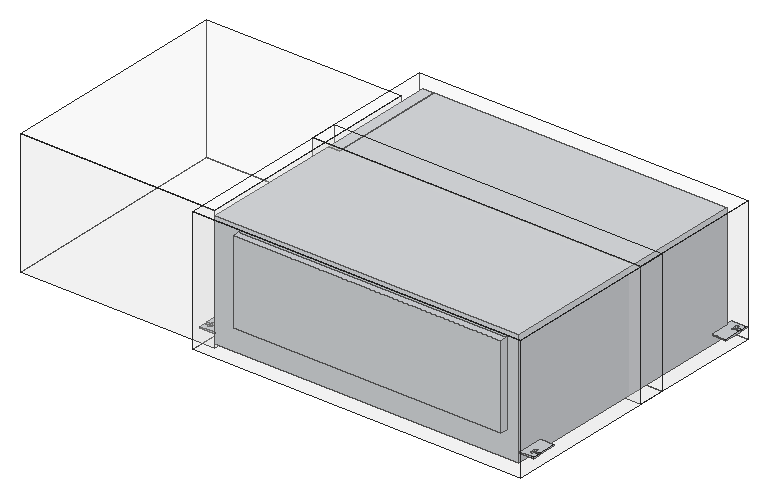
Revit family "pefy-p224_280smg9_60Hz", category 機械設備, Revit 2019
Family settings
  丸型コネクタ寸法 = 直径を使用
  パーツ タイプ = 標準
  OmniClass 番号 = 23.75.10.24.21.27.27
  OmniClass タイトル = Split System Air Conditioning Units
  作業面ベース = いいえ
  常に垂直 = はい
  ロード時にボイドで切り取り = いいえ
  共有 = いいえ
  部屋計算ポイント = はい
Parameters (values of type "PEFY-P224SMG9")
  風量（弱）（m3／min） = 50
  風量（m3／min） = 72
  風量 = MAX風量  # 4320.0 m³/h
  音響パワーレベル（弱）(dB) = 65
  音響パワーレベル(dB) = 67
  電源種別 = ""
  電源_H = 0 mm
  電圧_電気ヒーター = 0 V
  電圧 = 200 V
  電動機出力_送風機 = 0.87 kW
  運転質量 = 0.00 kg
  連動 = ""
  質量 = if(製品質量 > 運転質量, 製品質量, 運転質量) * 1.2  # 116.40 kg
  負荷分類 = 3_ファン類
  説明 = "ビル用マルチエアコン 天井埋込形　室内機"
  設計暖房能力 = 0.00 kW
  設計冷房能力_顕熱 = 0 kW
  設計冷房能力 = 0 kW
  設置方法 = "天井吊(隠ぺい)形"
  記号 = ""
  製造元 = "三菱電機株式会社"
  製品質量 = 97.00 kg
  製品出荷対象 = "国内"
  製品リリース年月 = "2022年9月15日"
  製品グループ = ""
  系統 = ""
  符号 = "ACP_CID"
  積算_科目 = "1 空気調和設備"
  積算_拾い区分 [instance] = ""
  相_電気ヒーター = 1
  相 = 1
  盤記号 = ""
  発停方法 = "付属スイッチ"
  特殊仕様 = ""
  点検口離隔 [instance] = if(点検口離隔入力値 > 200 mm, 200 mm, if(点検口離隔入力値 < 150 mm, 150 mm, 点検口離隔入力値))  # 150 mm
  点検口離隔入力値 [instance] = 150 mm
  点検口設置範囲 = 800 mm
  点検口位置 = 200 mm
  点検口 = yes
  火災停止 = ""
  消費電力_電気ヒーター = 0.00 kW
  消費電力_暖房 = 0.68 kW
  消費電力_加湿器 = 0.00 kW
  消費電力_冷房 = 0.68 kW
  消費電力 = if(消費電力_冷房 > 消費電力_暖房, 消費電力_冷房, 消費電力_暖房) + 消費電力_加湿器 + 消費電力_電気ヒーター  # 0.68 kW
  法定耐用年数 = "15"
  機外静圧 = 150.0 Pa
  極数 = 3
  材質 = ""
  本体マテリアル = none
  有効加湿量 = 0
  暖房能力 = 25.00 kW
  推奨ブレーカー容量 = 0 A
  形式_加湿器 = ""
  形式 = "天井吊（隠ぺい）形（両ダクト形）"
  幹線記号 = ""
  始動方式 = ""
  呼称 = "室内機_天井吊(隠ぺい)形(両ダクト形)"
  周波数 = 60 Hz
  吊り幅 = if(Depth = 900 mm, 60 mm, 61 mm)  # 61 mm
  吊り位置Y = 1034 mm
  吊り位置X = 1326 mm
  台数_手元リモコン = ""
  台数_冷媒分岐ユニット = ""
  参照している仕様書等のバージョン = "公共建築工事標準仕様書（機械設備工事編）平成31年度版"
  加湿給水管径 = 0 mm
  分類コード = "50053003221070"
  分類グループ = ""
  冷房能力 = 22.4 kW
  冷媒高低圧ガス管径 = 0 mm
  冷媒管径符号 = "Be"
  冷媒管径 = 100 mm
  冷媒液管径 = 9.52 mm
  冷媒液管_縦 = 44 mm
  冷媒液管_横 = 95 mm
  冷媒ガス管径 = 19.05 mm
  冷媒ガス管_縦 = 164 mm
  冷媒ガス管_横 = 249 mm
  企業コード = "108420"
  付属品_フィルター = ""
  付属品 = ""
  仕様書バージョン = "Version1.0"
  モデル = "PEFY-P224SMG9"
  ドレン管径 = 32 mm
  ドレン管_縦 = 327 mm
  ドレン管_横 = 489 mm
  サービススペース = yes
  コメント [instance] = ""
  ケーブル種類 = ""
  ケーブルサイズ = 0 mm
  Width = 0 mm
  Version = ""
  Uniclass2015Version = "Systems v1.9"
  Uniclass2015Title = "Split coil remote air cooled condensing units"
  Uniclass2015Code = "Pr_70_65_03_84"
  URL = "https://www.mitsubishielectric.co.jp/ldg/wink/ssl/displayProduct.do?pid=317074"
  SpecificationReference = ""
  SpecificationDescription = ""
  S_H = Height + 20 mm  # 490 mm
  SAサイズ_W = 1100 mm
  SAサイズ_D = 340 mm
  Revision = ""
  RAサイズ_W = 1100 mm
  RAサイズ_D = 420 mm
  ProductInformation = ""
  OmniClassCode = "23-751024212727"
  MIN風量 = 風量（弱）（m3／min） * 60.0 m³/h  # 3000.0 m³/h
  MAX風量 = 風量（m3／min） * 60.0 m³/h  # 4320.0 m³/h
  IfcTypeProduct = ""
  IfcProduct = ""
  IfcExportType = "AIRCONDITIONINGUNIT"
  IfcExportAs = "IfcUnitaryEquipmentType"
  Height = 470 mm
  Depth = 1120 mm
  Clearance Top = 20 mm
  Clearance Right = 50 mm
  Clearance Left = if(Width = 745 mm, 730 mm, if(Width = 1030 mm, 1015 mm, if(Width = 1195 mm, 1180 mm, 1300 mm)))  # 1300 mm
  Clearance Front = 680 mm
  Clearance Bottom = 20 mm
  Clearance Back = 50 mm
  Author = "三菱電機株式会社"
Types (2, lengths in mm): name | 風量（弱）（m3／min） | 風量（m3／min） | 風量 | 音響パワーレベル（弱）(dB) | 音響パワーレベル(dB) | 質量 | 製品質量 | 消費電力_暖房 | 消費電力_冷房 | 消費電力 | 暖房能力 | 冷房能力 | 冷媒管径符号 | 冷媒ガス管径 | モデル | URL | MIN風量 | MAX風量
  PEFY-P224SMG9 | 50 | 72 | 4320.0 m³/h | 65 | 67 | 116.40 kg | 97.00 kg | 0.68 kW | 0.68 kW | 0.68 kW | 25.00 kW | 22.4 kW | "Be" | 19.05 | "PEFY-P224SMG9" | "https://www.mitsubishielectric.co.jp/ldg/wink/ssl/displayProduct.do?pid=317074" | 3000.0 m³/h | 4320.0 m³/h
  PEFY-P280SMG9 | 58 | 84 | 5040.0 m³/h | 70 | 71 | 120.00 kg | 100.00 kg | 0.92 kW | 0.92 kW | 0.92 kW | 31.50 kW | 28 kW | "Bf" | 22.2 | "PEFY-P280SMG9" | "https://www.mitsubishielectric.co.jp/ldg/wink/ssl/displayProduct.do?pid=317075" | 3480.0 m³/h | 5040.0 m³/h
Reference planes
  plane 1 "中心(正面/背面)": y = -138.467
  plane 2: z = 0
  plane 3 "中心(左/右)": x = 140.396
  plane 4: z = 470
  plane 5: z = 490
  plane 6 "吊ピッチ-4": x = 803.396
  plane 7 "吊ピッチ-3": x = -522.604
  plane 8: y = -528.467
  plane 9: x = 765.396
  plane 10: z = -20
  plane 11: x = 826.396
  plane 12: y = -671.967
  plane 13: y = 287.533
  plane 14: y = -192.217
  plane 15: y = -362.467
  plane 16: y = 87.533
  plane 17: x = -484.604
  plane 18: x = -634.604
  plane 19: x = -1284.604
  plane 20: z = 490
  plane 21: x = -534.604
  plane 22: y = -721.967
  plane 23: x = 815.396
  plane 24: y = 8.033
  plane 25 "吊りボルトピッチ-1": y = 282.533
  plane 26 "吊ピッチ-1": y = -640.967
  plane 27 "吊ピッチ-2": y = 393.033
  plane 28 "本体奥行-1": y = 395.033
  plane 29 "本体奥行-2": y = -671.967
  plane 30 "D-1": y = 419.033
  plane 31 "D-2": y = -700.967
  plane 32 "Back-50": y = -721.967
  plane 33: y = 445.033
  plane 34: y = -104.967
Dimensions and locks
  "S_H": plane 5 to level
  "Clearance Bottom": level to plane 10
  "吊り幅": plane 11 to plane 9
  "Height": plane 4 to level
  locked: plane 16 to plane 15 at 450
  equal spacing: plane 13, plane 14, plane 12
  plane 17 to plane 7 "吊ピッチ-3" = 38 mm
  "点検口離隔": plane 17 to plane 18
  "点検口設置範囲": plane 17 to plane 19
  "Clearance Top": plane 20 to plane 4
  "Clearance Back": plane 12 to plane 22
  "Clearance Right": plane 17 to plane 21
  "Clearance Front": plane 24 to plane 12
  "Clearance Left": plane 23 to plane 17
  "点検口位置": plane 13 to plane 16
  equal spacing: plane 9, plane 3 "中心(左/右)", plane 17
  "吊り位置X": plane 7 "吊ピッチ-3" to plane 6 "吊ピッチ-4"
  equal spacing: plane 7 "吊ピッチ-3", plane 3 "中心(左/右)", plane 6 "吊ピッチ-4"
  locked: plane 6 "吊ピッチ-4" to plane 11 at 23
  "吊り位置Y": plane 27 "吊ピッチ-2" to plane 26 "吊ピッチ-1"
  "Depth": plane 31 "D-2" to plane 30 "D-1"
  locked: plane 34 to plane 33 at 550
  locked: plane 28 "本体奥行-1" to plane 33 at 50
  aligned and locked: level to plane 2
  aligned and locked: nested 3 to plane 3 "中心(左/右)"
  aligned and locked: plane 1 "中心(正面/背面)" to nested 3
  aligned and locked: plane 15 to nested 2
  aligned and locked: plane 16 to nested 2
  aligned and locked: nested 2 to plane 19
  aligned and locked: nested 2 to plane 18
  aligned and locked: plane 20 to nested 1
  aligned and locked: plane 20 to nested 4
  aligned and locked: plane 10 to nested 1
  aligned and locked: plane 10 to nested 4
  aligned and locked: nested 1 to plane 12
  aligned and locked: nested 1 to plane 13
  aligned and locked: nested 1 to plane 19
  aligned and locked: nested 1 to plane 17
  aligned and locked: nested 4 to plane 22
  aligned and locked: nested 4 to plane 24
  aligned and locked: nested 4 to plane 21
  aligned and locked: nested 4 to plane 23
  aligned and locked: nested 5 to plane 27 "吊ピッチ-2"
  aligned and locked: nested 5 to plane 26 "吊ピッチ-1"
  aligned and locked: plane 6 "吊ピッチ-4" to nested 5
  aligned and locked: nested 5 to plane 7 "吊ピッチ-3"
  aligned and locked: nested 6 to plane 33
  aligned and locked: nested 6 to plane 34
Nested families
  nested 1: "サービススペース" at (-884.604, -192.217, 235) x (-1, 0, 0) z (0, 0, 1), visible <- "サービススペース", type "サービススペース"
    with Width 800 mm, Height 510 mm, Depth 959.5 mm
  nested 2: "点検口設置範囲" at (-959.604, -137.467, 0) x (-1, 0, 0) z (0, 0, 1), visible <- "点検口", type "点検口設置範囲"
    with Width 650 mm, Depth 450 mm
  nested 3: "PEFY-P○○○SMG9" at (312.896, -138.467, 0) x (0, -1, 0) z (0, 0, 1), type "PEFY-P○○○SMG9"
    with 制御ボクス yes, ユニット表示 yes, 冷媒ガス配管サイズ 19.05 mm
  nested 4: "サービススペース" at (140.396, -356.967, 235) x (-1, 0, 0) z (0, 0, 1), visible <- "サービススペース", type "サービススペース"
    with Width 1350 mm, Height 510 mm, Depth 730 mm
  nested 5: "固定点" at (-522.604, -640.967, 0), W <- "吊り位置X", D <- "吊り位置Y", type "固定点"
    with W 1326 mm, D 1034 mm
  nested 6: "サービススペース" at (140.396, 170.033, 235) x (-1, 0, 0) z (0, 0, 1), visible <- "サービススペース", type "サービススペース"
    with Width 1350 mm, Height 510 mm, Depth 550 mm
Connectors
  hvac at (165.396, -700.967, 275), driven by "SAサイズ_D", driven by "SAサイズ_W", driven by "機外静圧", driven by "風量"
    settings: on nested 3, index 1, duct flow 4320.0 m³/h, flow factor 0, pres drop 150.0 Pa, loss coef 0, conn angle 0.00°, conn width 1100 mm, conn height 340 mm, conn diameter 609.6 mm, duct sys type 29, conn prof type 1, flow config 0, flow direction 2, loss method 4, conn ref index -1, conn util no, is conn primary yes, conn desc ""
  hvac at (167.396, 419.033, 230), driven by "RAサイズ_D", driven by "RAサイズ_W", driven by "機外静圧", driven by "風量"
    settings: on nested 3, index 2, duct flow 4320.0 m³/h, flow factor 0, pres drop 150.0 Pa, loss coef 0, conn angle 0.00°, conn width 1100 mm, conn height 420 mm, conn diameter 609.6 mm, duct sys type 29, conn prof type 1, flow config 0, flow direction 1, loss method 4, conn ref index -1, conn util no, is conn primary no, conn desc ""
  piping at (-584.604, -375.467, 186), diameter 100, driven by "冷媒管径", driven by "冷媒管径符号"
    settings: on nested 3, index 3, connector inside diameter 609.6 mm, connector length 0 mm, flow factor 0, pipe flow 0.0 L/s, pressure drop 0.0 Pa, fitting loss kfactor 0, connector angle 0.00°, fixture units 0, engagement length 0 mm, angle of deflection 0.00°, flow configuration 1, flow direction 1, fitting loss method 4, system type 7, joint type 0, gender type 0, connector reference index -1, connector utility 0, adjustable connector no, is connector primary yes, connector description "Be"
  piping at (-494.604, -182.967, 327), diameter 32, driven by "ドレン管径"
    settings: on nested 3, index 4, connector inside diameter 609.6 mm, connector length 0 mm, flow factor 0, pipe flow 0.0 L/s, pressure drop 0.0 Pa, fitting loss kfactor 0, connector angle 0.00°, fixture units 0, engagement length 0 mm, angle of deflection 0.00°, flow configuration 1, flow direction 2, fitting loss method 4, system type 16, joint type 0, gender type 0, connector reference index -1, connector utility 0, adjustable connector no, is connector primary no, connector description ""
  electrical at (-484.604, 158.033, 220), driven by "極数", driven by "負荷分類", driven by "電圧", driven by "消費電力"
    settings: on nested 3, index 6, voltage 200 V, apparent load 680 VA, apparent load phase1 0 VA, apparent load phase2 0 VA, apparent load phase3 0 VA, power factor 1, load classification "3_ファン類", number of poles 3, system type 30, power factor state 1, is connector primary yes, connector utility no, sub classification motor no, connector description ""
Definition of nested family "サービススペース"
  Parameters (values of type "サービススペース")
    Width [instance] = 500 mm
    Height [instance] = 500 mm
    Depth [instance] = 500 mm
  Reference planes
    plane 1 "中心(正面/背面)": y = 0
    plane 2: z = 0
    plane 3 "中心(左/右)": x = 0
    plane 4: y = -250
    plane 5: x = 250
    plane 6: y = 250
    plane 7: x = -250
    plane 8: z = 250
    plane 9: z = -250
  Forms (mm)
    Extrusion 1, solid
      sketch origin (-638.939, 0, 72.39) x (1, 0, 0) y (0, 1, 0)
        loop
          line (388.939, 250) -> (388.939, -250) -> (888.939, -250) -> (888.939, 250) -> (388.939, 250)
      from -322.39 to 177.61
  Lines and regions (mm)
    symbolic lines
      curve 1: line (-250, 0, 250) -> (250, 0, 250)
      curve 2: line (-250, 0, -250) -> (-250, 0, 250)
      curve 3: line (250, 0, -250) -> (-250, 0, -250)
      curve 4: line (250, 0, 250) -> (250, 0, -250)
      curve 5: line (0, -250, 250) -> (0, 250, 250)
      curve 6: line (0, -250, -250) -> (0, -250, 250)
      curve 7: line (0, 250, -250) -> (0, -250, -250)
      curve 8: line (0, 250, 250) -> (0, 250, -250)
      curve 9: line (-250, 250, 0) -> (250, 250, 0)
      curve 10: line (-250, -250, 0) -> (-250, 250, 0)
      curve 11: line (250, -250, 0) -> (-250, -250, 0)
      curve 12: line (250, 250, 0) -> (250, -250, 0)
  Dimensions and locks
    equal spacing: plane 7, plane 3 "中心(左/右)", plane 5
    equal spacing: plane 4, plane 1 "中心(正面/背面)", plane 6
    "Depth": plane 4 to plane 6
    "Width": plane 7 to plane 5
    equal spacing: plane 8, plane 2, plane 9
    "Height": plane 8 to plane 9
    aligned and locked: plane 9 to curve 3
    aligned and locked: plane 7 to curve 2
    aligned and locked: curve 4 to plane 5
    aligned and locked: plane 5 to Extrusion 1
    aligned and locked: Extrusion 1 to plane 7
    aligned and locked: Extrusion 1 to plane 9
    aligned and locked: plane 8 to Extrusion 1
    aligned and locked: plane 9 to curve 7
  Automatic sketch dimensions
    plane 4 to Extrusion 1 sketch curve = 0 mm
    Extrusion 1 sketch curve to plane 7 = 0 mm
    Extrusion 1 sketch curve to plane 5 = 0 mm
    plane 6 to Extrusion 1 sketch curve = 0 mm
    curve 2 to plane 8 = 0 mm
    plane 4 to curve 11 = 0 mm
    curve 11 to plane 7 = 0 mm
    curve 11 to plane 5 = 0 mm
    plane 6 to curve 10 = 0 mm
    curve 7 to plane 4 = 0 mm
    curve 7 to plane 6 = 0 mm
    curve 6 to plane 8 = 0 mm
Definition of nested family "PEFY-P○○○SMG9"
  Parameters (values of type "PEFY-P○○○SMG9")
    配線取出口サイズ = 30 mm
    ドレン排水口-Z = 30 mm  # constant formula
    制御ボクス [instance] = yes
    冷媒液配管サイズ = 9.52 mm
    R2 = 340 mm
    R1 = 105 mm
    L2 = 420 mm
    L1 = 20 mm
    E = 1100 mm
    C = 1250 mm
    A = 1372 mm
    高さ = 470 mm
    冷媒配管 = 100 mm
    冷媒液管径-Z = 44 mm
    冷媒液管径-Y = 65 mm
    冷媒液管径-X = 95 mm
    冷媒ガス管径-Z = 164 mm
    冷媒ガス管径-Y = 70 mm
    冷媒ガス管径-X = 249 mm
    ユニット表示 [instance] = yes
    ドレン配管サイズ = 32 mm
    ドレン管径-Z = 327 mm
    ドレン管径-Y = 10 mm  # constant formula
    ドレン管径-X = 489 mm
    冷媒ガス配管サイズ = 22.2 mm
    D = 1100 mm
    B = 1326 mm
  Reference planes
    plane 1 "中心(正面/背面)": y = -172.5
    plane 2: z = 0
    plane 3 "中心(左/右)": x = 0
    plane 4: z = 470
    plane 5: z = -20
    plane 6: y = -858.5
    plane 7: z = 490
    plane 8: x = -426
    plane 9 "吊金具-２": x = 480
    plane 10 "吊金具-高さ": z = 41
    plane 11: y = -472.5
    plane 12: y = 490.5
    plane 13: z = 440
    plane 14: z = 20
    plane 15: z = 105
    plane 16: z = 445
    plane 17: y = -577.5
    plane 18: z = 120
    plane 19: z = 170
    plane 20: x = 390
    plane 21: x = 380
    plane 22: y = 513.5
    plane 23: y = -835.5
    plane 24: z = 164
    plane 25: z = 208
    plane 26: z = 186
    plane 27: z = 327
    plane 28 "吊金具-1": x = -421
    plane 29: y = 452.5
    plane 30: y = -797.5
    plane 31: y = -695.5
    plane 32: y = 404.5
    plane 33: y = -897.5
    plane 34: y = -697.5
    plane 35: y = 402.5
    plane 36: x = -557.5
    plane 37: x = 533.5
    plane 38: x = -533.5
    plane 39: x = 502.5
    plane 40: x = -531.5
    plane 41 "吊ピッチ-1": x = 502.5
    plane 42 "吊ピッチ-2": x = -531.5
    plane 43 "ドレン管径-X": x = 44.5
    plane 44 "冷媒ガス管径-X": x = 284.5
    plane 45 "冷媒液管径-X": x = 189.5
    plane 46 "冷媒配管-X": x = 237
    plane 47: x = 562.5
  Forms (mm)
    Extrusion 1, solid, visible <- "ユニット表示", detail levels fine
      sketch origin (0, 0, 0) x (1, 0, 0) y (0, 1, 0)
        loop
          line (-533.5, 452.5) -> (-533.5, -752.5) -> (-50, -752.5) -> (-50, -797.5) -> (533.5, -797.5) -> (533.5, 452.5) -> (-533.5, 452.5)
      from 0 to 470
    Extrusion 2, solid, visible <- "ユニット表示", detail levels fine
      sketch origin (0, 0, 0) x (1, 0, 0) y (0, 1, 0)
        loop
          line (-557.5, 404.5) -> (-557.5, -695.5) -> (-533.5, -695.5) -> (-533.5, 404.5) -> (-557.5, 404.5)
      from 20 to 440
    Extrusion 3, solid, visible <- "ユニット表示", detail levels fine
      sketch origin (0, 0, 0) x (1, 0, 0) y (0, 1, 0)
        loop
          line (562.5, 402.5) -> (533.5, 402.5) -> (533.5, -697.5) -> (562.5, -697.5) -> (562.5, 402.5)
      from 105 to 445
    Extrusion 4, solid, visible <- "制御ボクス", detail levels fine
      sketch origin (1480.036, -517.5, 1200) x (1, 0, 0) y (0, 0, 1)
        loop
          line (-1786.036, -1030) -> (-1786.036, -1180) -> (-1530.036, -1180) -> (-1530.036, -730) -> (-2013.536, -730) -> (-2013.536, -1030) -> (-1786.036, -1030)
      from 235 to 280
    Extrusion 5, solid, visible <- "ユニット表示", detail levels fine
      sketch origin (-1437.329, -1523, 36) x (-1, 0, 0) y (0, -1, 0)
        loop
          line (-875.829, -664.5) -> (-899.829, -664.5) -> (-899.829, -680.5) -> (-897.829, -680.5)
          arc (-897.829, -680.5) -> (-892.88, -682.55) -> (-890.829, -687.5) r 7
          arc (-890.829, -687.5) -> (-892.88, -692.45) -> (-897.829, -694.5) r 7
          line (-897.829, -694.5) -> (-913.829, -694.5)
          arc (-913.829, -694.5) -> (-918.779, -692.45) -> (-920.829, -687.5) r 7
          arc (-920.829, -687.5) -> (-918.779, -682.55) -> (-913.829, -680.5) r 7
          line (-913.829, -680.5) -> (-911.829, -680.5) -> (-911.829, -664.5) -> (-980.829, -664.5) -> (-980.829, -770.5) -> (-875.829, -770.5) -> (-875.829, -664.5)
        loop
          line (-1969.829, -664.5) -> (-1969.829, -725.5) -> (-1864.829, -725.5) -> (-1864.829, -664.5) -> (-1933.829, -664.5) -> (-1933.829, -680.5) -> (-1931.829, -680.5)
          arc (-1931.829, -680.5) -> (-1926.88, -682.55) -> (-1924.829, -687.5) r 7
          arc (-1924.829, -687.5) -> (-1926.88, -692.45) -> (-1931.829, -694.5) r 7
          line (-1931.829, -694.5) -> (-1947.829, -694.5)
          arc (-1947.829, -694.5) -> (-1952.779, -692.45) -> (-1954.829, -687.5) r 7
          arc (-1954.829, -687.5) -> (-1952.779, -682.55) -> (-1947.829, -680.5) r 7
          line (-1947.829, -680.5) -> (-1945.829, -680.5) -> (-1945.829, -664.5) -> (-1969.829, -664.5)
        loop
          line (-875.829, -2036.5) -> (-875.829, -1975.5) -> (-980.829, -1975.5) -> (-980.829, -2036.5) -> (-911.829, -2036.5) -> (-911.829, -2020.5) -> (-913.829, -2020.5)
          arc (-913.829, -2020.5) -> (-918.779, -2018.45) -> (-920.829, -2013.5) r 7
          arc (-920.829, -2013.5) -> (-918.779, -2008.55) -> (-913.829, -2006.5) r 7
          line (-913.829, -2006.5) -> (-897.829, -2006.5)
          arc (-897.829, -2006.5) -> (-892.88, -2008.55) -> (-890.829, -2013.5) r 7
          arc (-890.829, -2013.5) -> (-892.88, -2018.45) -> (-897.829, -2020.5) r 7
          line (-897.829, -2020.5) -> (-899.829, -2020.5) -> (-899.829, -2036.5) -> (-875.829, -2036.5)
        loop
          line (-1969.829, -2036.5) -> (-1945.829, -2036.5) -> (-1945.829, -2020.5) -> (-1947.829, -2020.5)
          arc (-1947.829, -2020.5) -> (-1952.779, -2018.45) -> (-1954.829, -2013.5) r 7
          arc (-1954.829, -2013.5) -> (-1952.779, -2008.55) -> (-1947.829, -2006.5) r 7
          line (-1947.829, -2006.5) -> (-1931.829, -2006.5)
          arc (-1931.829, -2006.5) -> (-1926.88, -2008.55) -> (-1924.829, -2013.5) r 7
          arc (-1924.829, -2013.5) -> (-1926.88, -2018.45) -> (-1931.829, -2020.5) r 7
          line (-1931.829, -2020.5) -> (-1933.829, -2020.5) -> (-1933.829, -2036.5) -> (-1864.829, -2036.5) -> (-1864.829, -1975.5) -> (-1969.829, -1975.5) -> (-1969.829, -2036.5)
      from 0 to 5
    Extrusion 6, solid, visible <- "ユニット表示", detail levels fine
      sketch origin (1480.036, -797.5, 1200) x (1, 0, 0) y (0, 0, 1)
        loop
          circle (-1195.536, -1036) r 11.1
      from 0 to 100
    Extrusion 7, solid, visible <- "ユニット表示", detail levels fine
      sketch origin (1480.036, -797.5, 1200) x (1, 0, 0) y (0, 0, 1)
        loop
          circle (-1290.536, -992) r 4.76
      from 0 to 100
    Extrusion 8, solid, visible <- "ユニット表示", detail levels fine
      sketch origin (1480.036, -797.5, 1200) x (1, 0, 0) y (0, 0, 1)
        loop
          circle (-1243.036, -1014) r 50
      from 0 to 100
    Extrusion 9, solid, visible <- "ユニット表示", detail levels fine
      sketch origin (1480.036, -797.5, 1200) x (1, 0, 0) y (0, 0, 1)
        loop
          circle (-1435.536, -873) r 16
      from 0 to 10
  Dimensions and locks
    locked: level to plane 5 at 20
    locked: plane 7 to plane 4 at 20
    "高さ": plane 4 to level
    "L1": plane 14 to level
    "R2": plane 16 to plane 15
    "R1": plane 15 to level
    "L2": plane 13 to plane 14
    locked: plane 18 to level at 120
    locked: plane 19 to plane 18 at 50
    locked: plane 21 to plane 9 "吊金具-２" at 100
    "B": plane 23 to plane 12
    locked: plane 6 to plane 23 at 23
    "冷媒ガス管径-Z": plane 24 to level
    "冷媒液管径-Z": plane 25 to plane 24
    equal spacing: plane 25, plane 26, plane 24
    "ドレン管径-Z": plane 27 to level
    "A": plane 6 to plane 22
    equal spacing: plane 6, plane 1 "中心(正面/背面)", plane 22
    equal spacing: plane 23, plane 1 "中心(正面/背面)", plane 12
    "C": plane 30 to plane 29
    equal spacing: plane 30, plane 1 "中心(正面/背面)", plane 29
    locked: plane 30 to plane 31 at 102
    "D": plane 31 to plane 32
    locked: plane 30 to plane 34 at 100
    "E": plane 34 to plane 35
    plane 38 to plane 37 = 1067 mm
    equal spacing: plane 38, plane 3 "中心(左/右)", plane 37
    Extrusion 5 to Extrusion 3 = 1124 mm
    plane 10 "吊金具-高さ" to level = 41 mm
    plane 41 "吊ピッチ-1" to Extrusion 3 = 60 mm
    "ドレン管径-X": plane 43 "ドレン管径-X" to plane 37
    "冷媒ガス管径-X": plane 44 "冷媒ガス管径-X" to plane 37
    "冷媒液管径-X": plane 45 "冷媒液管径-X" to plane 44 "冷媒ガス管径-X"
    locked: plane 37 to plane 47 at 29
    "冷媒ガス配管サイズ": diameter of Extrusion 6 sketch curve
    "冷媒液配管サイズ": diameter of Extrusion 7 sketch curve
    "冷媒配管": diameter of Extrusion 8 sketch curve
    "ドレン配管サイズ": diameter of Extrusion 9 sketch curve
    aligned and locked: level to plane 2
    aligned and locked: Extrusion 1 to level
    aligned and locked: plane 4 to Extrusion 1
    aligned and locked: Extrusion 2 to plane 14
    aligned and locked: plane 13 to Extrusion 2
    aligned and locked: Extrusion 3 to plane 15
    aligned and locked: plane 16 to Extrusion 3
    aligned and locked: Extrusion 4 sketch curve to plane 4
    aligned and locked: Extrusion 4 sketch curve to plane 14
    aligned and locked: plane 24 to Extrusion 6 sketch curve
    aligned and locked: plane 25 to Extrusion 7 sketch curve
    aligned and locked: plane 27 to Extrusion 9 sketch curve
    aligned and locked: plane 26 to Extrusion 8 sketch curve
    aligned and locked: plane 29 to Extrusion 1 sketch curve
    aligned and locked: Extrusion 1 sketch curve to plane 30
    aligned and locked: Extrusion 4 to Extrusion 1  (x2)
    aligned and locked: Extrusion 2 sketch curve to plane 31
    aligned and locked: plane 32 to Extrusion 2 sketch curve
    aligned and locked: Extrusion 3 sketch curve to plane 35
    aligned and locked: plane 38 to Extrusion 1 sketch curve
    aligned and locked: Extrusion 1 sketch curve to plane 37
    aligned and locked: Extrusion 2 sketch curve to plane 38
    aligned and locked: Extrusion 3 sketch curve to plane 37
    aligned and locked: plane 10 "吊金具-高さ" to Extrusion 5
    aligned and locked: plane 34 to Extrusion 3 sketch curve
    aligned and locked: Extrusion 9 to plane 30
  Automatic sketch dimensions
    Extrusion 1 sketch curve to plane 30 = 45 mm
    Extrusion 4 sketch curve to plane 19 = 0 mm
    Extrusion 4 sketch curve to plane 28 "吊金具-1" = 112.5 mm
    Extrusion 5 sketch curve to Extrusion 5 sketch curve = 0 mm  (x8)
    plane 6 to Extrusion 5 sketch curve = 0 mm  (x4)
    plane 30 to Extrusion 5 sketch curve = 0 mm
    plane 22 to Extrusion 5 sketch curve = 0 mm  (x4)
    plane 29 to Extrusion 5 sketch curve = 0 mm  (x2)
    plane 23 to Extrusion 5 sketch curve = 0 mm  (x4)
    plane 12 to Extrusion 5 sketch curve = 0 mm  (x4)
    plane 9 "吊金具-２" to Extrusion 5 sketch curve = 30.5 mm  (x2)
    Extrusion 5 sketch curve to Extrusion 5 sketch curve = 2 mm  (x4)
    plane 9 "吊金具-２" to Extrusion 5 sketch curve = 28.5 mm
    plane 9 "吊金具-２" to Extrusion 5 sketch curve = 16.5 mm  (x2)
    plane 21 to Extrusion 5 sketch curve = 47.5 mm  (x2)
    Extrusion 5 sketch curve to plane 28 "吊金具-1" = 35.5 mm  (x2)
    Extrusion 5 sketch curve to plane 28 "吊金具-1" = 102.5 mm  (x2)
    Extrusion 5 sketch curve to plane 28 "吊金具-1" = 104.5 mm
    Extrusion 5 sketch curve to plane 8 = 111.5 mm  (x2)
    Extrusion 5 sketch curve to plane 8 = 113.5 mm  (x2)
    Extrusion 5 sketch curve to Extrusion 5 sketch curve = 7 mm
    Extrusion 5 sketch curve to plane 12 = 7 mm
    Extrusion 5 sketch curve to plane 23 = 7 mm  (x2)
    Extrusion 2 sketch curve to plane 8 = 131.5 mm
    plane 9 "吊金具-２" to Extrusion 3 sketch curve = 82.5 mm
    plane 9 "吊金具-２" to Extrusion 5 sketch curve = 52.5 mm  (x2)
    Extrusion 5 sketch curve to plane 8 = 135.5 mm
    Extrusion 5 sketch curve to Extrusion 5 sketch curve = 24 mm
    Extrusion 5 sketch curve to plane 30 = 45 mm
    plane 28 "吊金具-1" to Extrusion 4 sketch curve = 115 mm
    Extrusion 1 sketch curve to plane 3 "中心(左/右)" = 50 mm
    Extrusion 4 sketch curve to plane 3 "中心(左/右)" = 50 mm
    Extrusion 6 sketch curve to plane 44 "冷媒ガス管径-X" = 0 mm
    Extrusion 7 sketch curve to plane 45 "冷媒液管径-X" = 0 mm
    Extrusion 8 sketch curve to plane 46 "冷媒配管-X" = 0 mm
    Extrusion 9 sketch curve to plane 43 "ドレン管径-X" = 0 mm
Definition of nested family "点検口設置範囲"
  Parameters (values of type "点検口設置範囲")
    Width [instance] = 1000 mm
    Depth [instance] = 700 mm
  Reference planes
    plane 1 "中心(正面/背面)": y = 0
    plane 2: z = 0
    plane 3 "中心(左/右)": x = 0
    plane 4: x = -500
    plane 5: x = 500
    plane 6: y = -350
    plane 7: y = 350
  Lines and regions (mm)
    model lines
      curve 1: line (-500, 350, 0) -> (500, 350, 0)
      curve 2: line (-500, -350, 0) -> (-500, 350, 0)
      curve 3: line (500, -350, 0) -> (-500, -350, 0)
      curve 4: line (500, 350, 0) -> (500, -350, 0)
  Dimensions and locks
    "Depth": plane 7 to plane 6
    "Width": plane 4 to plane 5
    equal spacing: plane 7, plane 1 "中心(正面/背面)", plane 6
    equal spacing: plane 4, plane 3 "中心(左/右)", plane 5
    aligned and locked: level to plane 2
    aligned and locked: plane 4 to curve 2
    aligned and locked: curve 1 to plane 7
    aligned and locked: curve 4 to plane 5
    aligned and locked: plane 6 to curve 3
Definition of nested family "固定点"
  Parameters (values of type "固定点")
    中心円 = 20 mm
    W [instance] = 1324 mm
    D [instance] = 1034 mm
  Reference planes
    plane 1 "中心(正面/背面)": y = 0
    plane 2: z = 0
    plane 3 "中心(左/右)": x = 0
    plane 4: x = 1324
    plane 5: y = 1034
  Lines and regions (mm)
    symbolic lines, detail levels fine
      curve 1: circle (0, 1034, 0) r 10 normal (0, 0, 1)
      curve 2: circle (0, 0, 0) r 10 normal (0, 0, 1)
      curve 3: circle (1324, 1034, 0) r 10 normal (0, 0, 1)
      curve 4: circle (1324, 0, 0) r 10 normal (0, 0, 1)
      curve 5: line (-200, 1034, 0) -> (1524, 1034, 0)
      curve 6: line (-200, 0, 0) -> (1524, 0, 0)
      curve 7: line (0, 1234, 0) -> (0, -200, 0)
      curve 8: line (1324, 1234, 0) -> (1324, -200, 0)
  Dimensions and locks
    "W": plane 3 "中心(左/右)" to plane 4
    "D": plane 1 "中心(正面/背面)" to plane 5
    "中心円": diameter of curve 1
    "中心円": diameter of curve 2
    "中心円": diameter of curve 3
    "中心円": diameter of curve 4
    aligned and locked: level to plane 2
    aligned and locked: plane 5 to curve 1
    aligned and locked: plane 3 "中心(左/右)" to curve 1
    aligned and locked: plane 3 "中心(左/右)" to curve 2
    aligned and locked: plane 1 "中心(正面/背面)" to curve 2
    aligned and locked: plane 4 to curve 3
    aligned and locked: plane 5 to curve 3
    aligned and locked: plane 1 "中心(正面/背面)" to curve 4
    aligned and locked: plane 4 to curve 4
    aligned and locked: plane 1 "中心(正面/背面)" to curve 6
    aligned and locked: curve 7 to plane 3 "中心(左/右)"
    aligned and locked: curve 8 to plane 4
  Automatic sketch dimensions
    curve 5 to plane 5 = 0 mm
    curve 6 to plane 3 "中心(左/右)" = 200 mm
    curve 5 to plane 3 "中心(左/右)" = 200 mm
    curve 4 to curve 6 = 200 mm
    curve 3 to curve 5 = 200 mm
    plane 1 "中心(正面/背面)" to curve 8 = 200 mm
    plane 1 "中心(正面/背面)" to curve 7 = 200 mm
    curve 3 to curve 8 = 200 mm
    curve 1 to curve 7 = 200 mm
